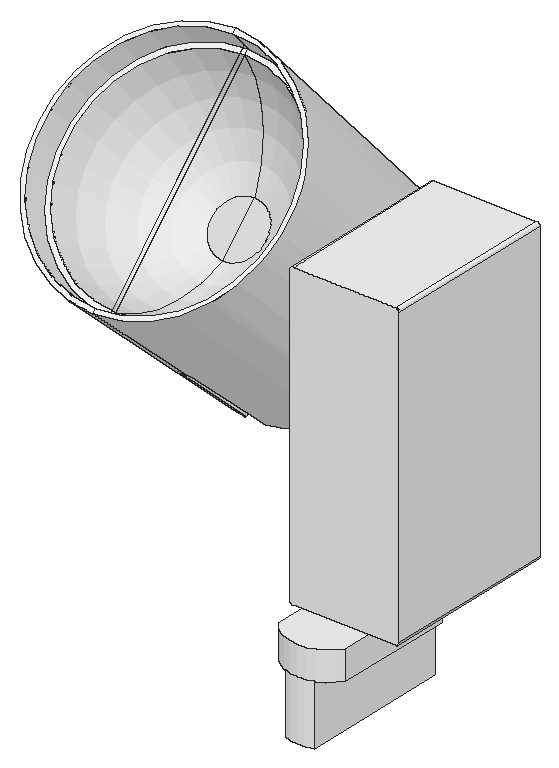
Revit family "0004870 Feilo Sylvania Lighting Fixture START TRACK SPOT L 55W 3K RA90 WB WHITE", category Lighting Fixtures, host Face, Revit 2017
Family settings
  Host = Face
  Round Connector Dimension = Use Diameter
  Part Type = Normal
  OmniClass Number = 23.80.70.00
  OmniClass Title = Lighting
  Cut with Voids When Loaded = No
  Light Source = No
  Shared = No
  Room Calculation Point = No
Parameters (values of type "0004870 START TRACK SPOT L 55W 3K RA90 WB WHITE")
  Weight = "1.398 kg"
  Wattage Comments = ""
  WarrantyStartDate [instance] = "n/a"
  WarrantyGuarantorParts = "n/a"
  WarrantyDurationUnit = "n/a"
  WarrantyDurationParts = "n/a"
  WarrantyDescription = "n/a"
  Voltage = 230 V
  URL = "http://www.sylvania-lighting.com"
  TypeName = "START TRACK SPOT L 55W 3K RA90 WB WHITE"
  TypeHead_FEILO = Start Track Spot Head : 0004870 START TRACK SPOT L 55W 3K RA90 WB WHITE
  TypeBox_FEILO = Start Track Spot Box : Type Large White
  Type Image = <None>
  Type Comments = "n/a"
  VerticalRotation_FEILO [instance] = 0.00°
  SlideEndAngle_FEILO [instance] = VerticalRotation_FEILO + 180.00°  # 180.00°
  SerialNumber [instance] = "n/a"
  Material_3_FEILO = none
  PowerFactor = 0.96
  PowerConsumption = "55 W"
  NominalLength = 0 mm
  NominalHeight = 240 mm
  NominalDepth = 164 mm
  Name = "START TRACK SPOT L 55W 3K RA90 WB WHITE"
  ModelReference = Name  # "START TRACK SPOT L 55W 3K RA90 WB WHITE"
  ModelNumber = "0004870"
  Model = Name  # "START TRACK SPOT L 55W 3K RA90 WB WHITE"
  Material = "adc12 aluminium housing, polycarbonate diffuser"
  ManufacturerName = "Feilo Sylvania"
  Manufacturer = "Feilo Sylvania"
  LuminousEfficacy = "80 lm/W"
  LuminaireType = ""
  LightOutputRatio = "100"
  LampsType = Lamp  # "LED"
  LampNominalLuminous = "4405 lm"
  LampMacAdamStep = "3"
  LampColourTemperature = "3000 K"
  LampColourRenderingIndex = "90"
  Lamp = "LED"
  Keynote = "16500"
  InstallationDate [instance] = "n/a"
  InputVoltage = "230-240V~"
  InputNominalFrequency = "50/60 Hz"
  IngressProtection = "IP20"
  ImpactProtectionIndex = "IK02"
  IfcExportType = "IfcLightFixtureType"
  IfcExportAs = "IfcLightFixtureType"
  HorizontalRotation_FEILO [instance] = 45.00°
  ExpectedLife = 50000
  ElectricShockClassification = "Class II"
  DurationUnit = "hours"
  DocumentationLiterature = "http://www.sylvania-lighting.com/product/en-int/products/0004870"
  DimmingControlOptions = "Non dimmable"
  Material_2_FEILO = none
  Description = "Integrated LED spotlight, Textured White - RAL9016, compact and minimalist design, ideal for retail applications, die-cast aluminium body, passive cooling heatsink. Beam angle: 52°, color temperature: 3000K , total system power: 55W, total fixture output: 4405 lm, LOR: 100%, colour rendering: Ra: 90 typical, LED Chromaticity: 3 step MacAdam ellipse, lifetime: >50000 hours at L70B50, energy class: A++, A+, A, IR/UV free light source without heat radiation, operating voltage: 220-240V / 50-60Hz, drive current: 1400mA, electronic driver, non-dimmable, power factor: 0.96, electrical protection: Class II, Global Track 3 Phase adapter suitable for Global trac 3-circuit tracks, ingress protection rating: IP20, suitable for internal environment only, horizontal rotation: 355°, vertical tilt: 90°, dimensions: Ø113x164x240, weight: 1.398kg."
  Default Elevation = 1219.2 mm
  CreatedOn = "12/12/2017"
  CreatedBy = ""
  Cost = 0
  built-in parameter 1114216 [instance] = (empty or 0)
  ClassificationValue = "EF_70_80"
  ClassificationName = "Uniclass2015"
  Material_1_FEILO = Body-Sylvania-StartTrackSpot-White
  BarCode [instance] = "n/a"
  AssetType = "Fixed"
  AssetIdentifier [instance] = "n/a"
  Assembly Code = "D5020200"
  Apparent Load = 55 VA
  Material_4_FEILO = none
Reference planes
  plane 1 "Center (Front/Back)": y = 0
  plane 2: z = 0
  plane 3 "Center (Left/Right)": x = 0
  plane 4: x = 15
  plane 5: x = -15
  plane 6: y = 35
  plane 7: y = -35
  plane 8: z = 13
  plane 9: z = -27
  plane 10: x = 6.5
  plane 11: x = -6.5
  plane 12: y = 27
  plane 13: y = -27
  plane 14: y = 20
Forms (mm)
  Extrusion 1, solid, material "Body-Sylvania-StartTrackSpot-White" <- "Material_1_FEILO"
    sketch origin (0, 0, 0) x (1, 0, 0) y (0, 1, 0)
      loop
        line (-15, 27) -> (-15, -27)
        arc (-15, -27) -> (0, -35) -> (15, -27) r 18.062
        line (15, -27) -> (15, 27)
        arc (15, 27) -> (0, 35) -> (-15, 27) r 18.062
    from 0 to 13
  Extrusion 2, solid, material "Body-Sylvania-StartTrackSpot-White" <- "Material_1_FEILO"
    sketch origin (0, 0, 0) x (1, 0, 0) y (0, 1, 0)
      loop
        arc (6.5, 33.79) -> (0, 35) -> (-6.5, 33.79) r 18.062
        line (-6.5, 33.79) -> (-6.5, -33.79)
        arc (-6.5, -33.79) -> (0, -35) -> (6.5, -33.79) r 18.062
        line (6.5, -33.79) -> (6.5, 33.79)
    from 0 to -27
  Revolve 3, solid, not visible
    sketch origin (1524, 20, 1219.2) x (1, 0, 0) y (0, 0, 1)
      loop
        line (-1524, -1206.2) -> (-1524, -1191.285) -> (-1530.5, -1191.285) -> (-1530.5, -1206.2) -> (-1524, -1206.2)
      axis (-1524, -1191.285) -> (-1524, -1206.2)
    angle from 0 <- "VerticalRotation_FEILO" to 180 <- "SlideEndAngle_FEILO"
Cuts and joins
  joined: Extrusion 1, Extrusion 2
Dimensions and locks
  equal spacing: plane 10, plane 3 "Center (Left/Right)", plane 11
  equal spacing: plane 4, plane 3 "Center (Left/Right)", plane 5
  locked: plane 8 to plane 2 at 13
  locked: plane 8 to plane 9 at 40
  equal spacing: plane 13, plane 1 "Center (Front/Back)", plane 12
  locked: plane 12 to plane 6 at 8
  locked: plane 14 to plane 6 at 15
  locked: Revolve 3 sketch curve to plane 8 at 14.915
  aligned and locked: plane 2 to host face
  aligned and locked: level to host face
  aligned and locked: plane 5 to Extrusion 1 sketch curve  (x2)
  aligned and locked: plane 12 to Extrusion 1 sketch curve
  aligned and locked: plane 13 to Extrusion 1 sketch curve
  aligned and locked: plane 4 to Extrusion 1 sketch curve
  aligned and locked: Extrusion 1 to plane 8
  aligned and locked: Extrusion 1 to level
  aligned and locked: Extrusion 2 sketch curve to Extrusion 1  (x2)
  aligned and locked: Extrusion 2 sketch curve to plane 11
  aligned and locked: plane 10 to Extrusion 2 sketch curve
  aligned and locked: plane 9 to Extrusion 2
  aligned and locked: level to Extrusion 2
  aligned and locked: Revolve 3 sketch curve to plane 3 "Center (Left/Right)"  (x2)
  aligned and locked: plane 11 to Revolve 3 sketch curve
  aligned and locked: Revolve 3 sketch curve to plane 8
Automatic sketch dimensions
  host sketch curve to host sketch curve = 2438.4 mm  (x2)
  Extrusion 1 sketch curve to plane 3 "Center (Left/Right)" = 0 mm  (x2)
  Extrusion 1 sketch curve to plane 13 = 10.062 mm
  plane 12 to Extrusion 1 sketch curve = 10.062 mm
  Revolve 3 sketch curve to plane 3 "Center (Left/Right)" = 0 mm
  plane 9 to Revolve 3 sketch curve = 582.6 mm
  Revolve 3 sketch curve to Revolve 3 sketch curve = 2581.144 mm
Nested families
  nested 1: "Start Track Spot Head" at (-75.5, 20, 133) x (0, 0.7071, 0.7071) z (0, 0.7071, -0.7071), type <- "TypeHead_FEILO", type "0004870 START TRACK SPOT L 55W 3K RA90 WB WHITE"
    with built-in parameter 1114216 (empty or 0)
  nested 2: "Start Track Spot Box" at (8.5, 20, 85) x (-1, 0, 0) z (0, -1, 0), BoxStartAngle_FEILO <- "HorizontalRotation_FEILO", type <- "TypeBox_FEILO", type "Type Large White"
    with BoxStartAngle_FEILO 45.00°, BoxEndAngle_FEILO -135.00°
Connectors
  electrical at (0, 0, 0), driven by "Apparent Load", driven by "PowerFactor", driven by "Voltage"
    settings: index 1, voltage 230 V, apparent load 55 VA, apparent load phase1 0 VA, apparent load phase2 0 VA, apparent load phase3 0 VA, power factor 0.96, load classification "Lighting", number of poles 1, system type 30, power factor state 1, is connector primary yes, connector utility no, sub classification motor no, connector description ""
Definition of nested family "Start Track Spot Head"
  Parameters (values of type "0004811 START TRACK SPOT S 14W 3K RA80 NB WHITE")
    Wattage Comments = "n/a"
    Wattage = 14 W
    built-in parameter 1150110 = 1 (stored number, unit not read)
    URL = "http://www.feilosylvania.com"
    Type Image = (empty or 0)
    Type Comments = "n/a"
    built-in parameter 1114217 = 1 (stored number, unit not read)
    Tilt Angle = -90.00°
    built-in parameter 1150109 = 1 (stored number, unit not read)
    built-in parameter 1150134 = (empty or 0)
    built-in parameter 1150113 = 1 (stored number, unit not read)
    Photometric Web File = "0004811.ies"
    Material_3_FEILO = none
    Model = "START TRACK SPOT S 14W 3K RA80 NB WHITE"
    Manufacturer = "Feilo Sylvania"
    built-in parameter 1150105 = 123.66 (stored number, unit not read)
    Lumens = 1554 lm
    built-in parameter 1150115 = 1 (stored number, unit not read)
    built-in parameter 1150137 = (empty or 0)
    built-in parameter 1150139 = (empty or 0)
    built-in parameter 1150112 = 1 (stored number, unit not read)
    built-in parameter 1150114 = 1 (stored number, unit not read)
    Lamp = "LED"
    Keynote = "16500"
    Material_2_FEILO = none
    built-in parameter 1150132 = (empty or 0)
    built-in parameter 1150102 = (empty or 0)
    built-in parameter 1150107 = 3000 (stored number, unit not read)
    built-in parameter 1150138 = (empty or 0)
    built-in parameter 1150106 = 1.2366 (stored number, unit not read)
    HeadThickness_FEILO = if(HeadDiaOut_FEILO > 112 mm, 2 mm, 1.5 mm)  # 1.5 mm
    HeadRibOffset_FEILO = HeadHeight_FEILO / 28  # 4.179 mm
    HeadRibDepth_FEILO = HeadHeight_FEILO / 2.1  # 55.714 mm
    HeadRibCutWidth_FEILO = HeadDiaOut_FEILO / 12  # 7.167 mm
    HeadRibCutOffset_FEILO = HeadHeight_FEILO / 2.3  # 50.87 mm
    HeadReflectorRadius_FEILO = HeadDiaOut_FEILO / 1.7  # 50.588 mm
    HeadReflectorOffset_FEILO = HeadHeight_FEILO / 2.1  # 55.714 mm
    HeadLEDRadius_FEILO = HeadDiaOut_FEILO / 9  # 9.556 mm
    HeadHeight_FEILO = 117 mm
    HeadDraft_FEILO = 1 mm
    HeadDiffusorThickness_FEILO = 3 mm
    HeadDiffusorOffset_FEILO = HeadHeight_FEILO / 12.4  # 9.435 mm
    HeadDiaOut_FEILO = 86 mm
    HeadDiaIn_FEILO = HeadDiaOut_FEILO / 1.11  # 77.477 mm
    HeadAxisFromTop_FEILO = HeadHeight_FEILO / 1.687  # 69.354 mm
    Emit from Circle Diameter = HeadDiaIn_FEILO  # 77.477 mm
    Emit Shape Visible in Rendering = no
    built-in parameter 1150104 = 10.312 (stored number, unit not read)
    Dimming Lamp Color Temperature Shift = (empty or 0)
    Description = "Integrated LED spotlight, Textured White - RAL9016, compact and minimalist design, ideal for retail applications, die-cast aluminium body, passive cooling heatsink. Beam angle: 12°, color temperature: 3000K , total system power: 14W, total fixture output: 1551 lm, LOR: 100%, colour rendering: Ra: 80 typical, LED Chromaticity: 3 step MacAdam ellipse, lifetime: >50000 hours at L70B50, energy class: A++, A+, A, IR/UV free light source without heat radiation, operating voltage: 220-240V / 50-60Hz, drive current: 350mA, electronic driver, non-dimmable, power factor: 0.92, electrical protection: Class II, Global Track 3 Phase adapter suitable for Global trac 3-circuit tracks, ingress protection rating: IP20, suitable for internal environment only, horizontal rotation: 355°, vertical tilt: 90°, dimensions: Ø86x140x200, weight: 0.940kg."
    Default Elevation = 1219.2 mm
    Cost = 0
    Color Filter = 16777215
    built-in parameter 1114216 [instance] = (empty or 0)
    Material_1_FEILO = none
    built-in parameter 1114218 = 1 (stored number, unit not read)
    built-in parameter 1150133 = 10 (stored number, unit not read)
    Assembly Code = "D5020200"
    Apparent Load = 14 VA
    Material_4_FEILO = none
  Types (96, lengths in mm): name | Wattage | built-in parameter 1150134 | Photometric Web File | Model | built-in parameter 1150105 | Lumens | built-in parameter 1150107 | built-in parameter 1150106 | HeadThickness_FEILO | HeadRibOffset_FEILO | HeadRibDepth_FEILO | HeadRibCutWidth_FEILO | HeadRibCutOffset_FEILO | HeadReflectorRadius_FEILO | HeadReflectorOffset_FEILO | HeadLEDRadius_FEILO | HeadHeight_FEILO | HeadDiffusorOffset_FEILO | HeadDiaOut_FEILO | HeadDiaIn_FEILO | HeadAxisFromTop_FEILO | Emit from Circle Diameter | built-in parameter 1150104 | Description | Apparent Load
    0004906 START TRACK SPOT L 55W 4K RA90 WB BLACK | 55 W | 12 | "0004906.ies" | "START TRACK SPOT L 55W 4K RA90 WB BLACK" | 385.15 (stored number, unit not read) | 4840 lm | 4000 (stored number, unit not read) | 3.8515 (stored number, unit not read) | 2 | 4.429 | 59.048 | 9.417 | 53.913 | 66.471 | 59.048 | 12.556 | 124 | 10 | 113 | 101.802 | 73.503 | 101.802 | 8.1755 (stored number, unit not read) | "Integrated LED spotlight, Textured Black - RAL9005, compact and minimalist design, ideal for retail applications, die-cast aluminium body, passive cooling heatsink. Beam angle: 52°, color temperature: 4000K , total system power: 55W, total fixture output: 4824 lm, LOR: 100%, colour rendering: Ra: 90 typical, LED Chromaticity: 3 step MacAdam ellipse, lifetime: >50000 hours at L70B50, energy class: A++, A+, A, IR/UV free light source without heat radiation, operating voltage: 220-240V / 50-60Hz, drive current: 1400mA, electronic driver, non-dimmable, power factor: 0.96, electrical protection: Class II, Global Track 3 Phase adapter suitable for Global trac 3-circuit tracks, ingress protection rating: IP20, suitable for internal environment only, horizontal rotation: 355°, vertical tilt: 90°, dimensions: Ø113x164x240, weight: 1.398kg." | 55 VA
    0004905 START TRACK SPOT L 55W 4K RA90 MB BLACK | 55 W | 12 | "0004905.ies" | "START TRACK SPOT L 55W 4K RA90 MB BLACK" | 389.53 (stored number, unit not read) | 4895 lm | 4000 (stored number, unit not read) | 3.8953 (stored number, unit not read) | 2 | 4.429 | 59.048 | 9.417 | 53.913 | 66.471 | 59.048 | 12.556 | 124 | 10 | 113 | 101.802 | 73.503 | 101.802 | 8.2684 (stored number, unit not read) | "Integrated LED spotlight, Textured Black - RAL9005, compact and minimalist design, ideal for retail applications, die-cast aluminium body, passive cooling heatsink. Beam angle: 38°, color temperature: 4000K , total system power: 55W, total fixture output: 4897 lm, LOR: 100%, colour rendering: Ra: 90 typical, LED Chromaticity: 3 step MacAdam ellipse, lifetime: >50000 hours at L70B50, energy class: A++, A+, A, IR/UV free light source without heat radiation, operating voltage: 220-240V / 50-60Hz, drive current: 1400mA, electronic driver, non-dimmable, power factor: 0.96, electrical protection: Class II, Global Track 3 Phase adapter suitable for Global trac 3-circuit tracks, ingress protection rating: IP20, suitable for internal environment only, horizontal rotation: 355°, vertical tilt: 90°, dimensions: Ø113x164x240, weight: 1.398kg." | 55 VA
    0004904 START TRACK SPOT L 55W 4K RA90 NB BLACK | 55 W | 12 | "0004904.ies" | "START TRACK SPOT L 55W 4K RA90 NB BLACK" | 393.91 (stored number, unit not read) | 4950 lm | 4000 (stored number, unit not read) | 3.9391 (stored number, unit not read) | 2 | 4.429 | 59.048 | 9.417 | 53.913 | 66.471 | 59.048 | 12.556 | 124 | 10 | 113 | 101.802 | 73.503 | 101.802 | 8.3613 (stored number, unit not read) | "Integrated LED spotlight, Textured Black - RAL9005, compact and minimalist design, ideal for retail applications, die-cast aluminium body, passive cooling heatsink. Beam angle: 15°, color temperature: 4000K , total system power: 55W, total fixture output: 4965 lm, LOR: 100%, colour rendering: Ra: 90 typical, LED Chromaticity: 3 step MacAdam ellipse, lifetime: >50000 hours at L70B50, energy class: A++, A+, A, IR/UV free light source without heat radiation, operating voltage: 220-240V / 50-60Hz, drive current: 1400mA, electronic driver, non-dimmable, power factor: 0.96, electrical protection: Class II, Global Track 3 Phase adapter suitable for Global trac 3-circuit tracks, ingress protection rating: IP20, suitable for internal environment only, horizontal rotation: 355°, vertical tilt: 90°, dimensions: Ø113x164x240, weight: 1.398kg." | 55 VA
    0004903 START TRACK SPOT L 35W 4K RA90 WB BLACK | 35 W | 12 | "0004903.ies" | "START TRACK SPOT L 35W 4K RA90 WB BLACK" | 284.09 (stored number, unit not read) | 3570 lm | 4000 (stored number, unit not read) | 2.8409 (stored number, unit not read) | 2 | 4.429 | 59.048 | 9.417 | 53.913 | 66.471 | 59.048 | 12.556 | 124 | 10 | 113 | 101.802 | 73.503 | 101.802 | 9.4761 (stored number, unit not read) | "Integrated LED spotlight, Textured Black - RAL9005, compact and minimalist design, ideal for retail applications, die-cast aluminium body, passive cooling heatsink. Beam angle: 52°, color temperature: 4000K , total system power: 35W, total fixture output: 3562 lm, LOR: 100%, colour rendering: Ra: 90 typical, LED Chromaticity: 3 step MacAdam ellipse, lifetime: >50000 hours at L70B50, energy class: A++, A+, A, IR/UV free light source without heat radiation, operating voltage: 220-240V / 50-60Hz, drive current: 900mA, electronic driver, non-dimmable, power factor: 0.93, electrical protection: Class II, Global Track 3 Phase adapter suitable for Global trac 3-circuit tracks, ingress protection rating: IP20, suitable for internal environment only, horizontal rotation: 355°, vertical tilt: 90°, dimensions: Ø113x164x240, weight: 1.368kg." | 35 VA
    0004902 START TRACK SPOT L 35W 4K RA90 MB BLACK | 35 W | 12 | "0004902.ies" | "START TRACK SPOT L 35W 4K RA90 MB BLACK" | 286.88 (stored number, unit not read) | 3605 lm | 4000 (stored number, unit not read) | 2.8688 (stored number, unit not read) | 2 | 4.429 | 59.048 | 9.417 | 53.913 | 66.471 | 59.048 | 12.556 | 124 | 10 | 113 | 101.802 | 73.503 | 101.802 | 9.569 (stored number, unit not read) | "Integrated LED spotlight, Textured Black - RAL9005, compact and minimalist design, ideal for retail applications, die-cast aluminium body, passive cooling heatsink. Beam angle: 38°, color temperature: 4000K , total system power: 35W, total fixture output: 3616 lm, LOR: 100%, colour rendering: Ra: 90 typical, LED Chromaticity: 3 step MacAdam ellipse, lifetime: >50000 hours at L70B50, energy class: A++, A+, A, IR/UV free light source without heat radiation, operating voltage: 220-240V / 50-60Hz, drive current: 900mA, electronic driver, non-dimmable, power factor: 0.93, electrical protection: Class II, Global Track 3 Phase adapter suitable for Global trac 3-circuit tracks, ingress protection rating: IP20, suitable for internal environment only, horizontal rotation: 355°, vertical tilt: 90°, dimensions: Ø113x164x240, weight: 1.368kg." | 35 VA
    0004901 START TRACK SPOT L 35W 4K RA90 NB BLACK | 35 W | 12 | "0004901.ies" | "START TRACK SPOT L 35W 4K RA90 NB BLACK" | 286.88 (stored number, unit not read) | 3605 lm | 4000 (stored number, unit not read) | 2.8688 (stored number, unit not read) | 2 | 4.429 | 59.048 | 9.417 | 53.913 | 66.471 | 59.048 | 12.556 | 124 | 10 | 113 | 101.802 | 73.503 | 101.802 | 9.569 (stored number, unit not read) | "Integrated LED spotlight, Textured Black - RAL9005, compact and minimalist design, ideal for retail applications, die-cast aluminium body, passive cooling heatsink. Beam angle: 15°, color temperature: 4000K , total system power: 35W, total fixture output: 3593 lm, LOR: 100%, colour rendering: Ra: 90 typical, LED Chromaticity: 3 step MacAdam ellipse, lifetime: >50000 hours at L70B50, energy class: A++, A+, A, IR/UV free light source without heat radiation, operating voltage: 220-240V / 50-60Hz, drive current: 900mA, electronic driver, non-dimmable, power factor: 0.93, electrical protection: Class II, Global Track 3 Phase adapter suitable for Global trac 3-circuit tracks, ingress protection rating: IP20, suitable for internal environment only, horizontal rotation: 355°, vertical tilt: 90°, dimensions: Ø113x164x240, weight: 1.368kg." | 35 VA
    0004900 START TRACK SPOT S 24W 4K RA90 WB BLACK | 24 W | 12 | "0004900.ies" | "START TRACK SPOT S 24W 4K RA90 WB BLACK" | 166.16 (stored number, unit not read) | 2088 lm | 4000 (stored number, unit not read) | 1.6616 (stored number, unit not read) | 1.5 | 4.179 | 55.714 | 7.167 | 50.87 | 50.588 | 55.714 | 9.556 | 117 | 9.435 | 86 | 77.477 | 69.354 | 77.477 | 8.0826 (stored number, unit not read) | "Integrated LED spotlight, Textured Black - RAL9005, compact and minimalist design, ideal for retail applications, die-cast aluminium body, passive cooling heatsink. Beam angle: 64°, color temperature: 4000K , total system power: 24W, total fixture output: 2087 lm, LOR: 100%, colour rendering: Ra: 90 typical, LED Chromaticity: 3 step MacAdam ellipse, lifetime: >50000 hours at L70B50, energy class: A++, A+, A, IR/UV free light source without heat radiation, operating voltage: 220-240V / 50-60Hz, drive current: 600mA, electronic driver, non-dimmable, power factor: 0.95, electrical protection: Class II, Global Track 3 Phase adapter suitable for Global trac 3-circuit tracks, ingress protection rating: IP20, suitable for internal environment only, horizontal rotation: 355°, vertical tilt: 90°, dimensions: Ø86x140x200, weight: 0.966kg." | 24 VA
    0004899 START TRACK SPOT S 24W 4K RA90 MB BLACK | 24 W | 12 | "0004899.ies" | "START TRACK SPOT S 24W 4K RA90 MB BLACK" | 169.98 (stored number, unit not read) | 2136 lm | 4000 (stored number, unit not read) | 1.6998 (stored number, unit not read) | 1.5 | 4.179 | 55.714 | 7.167 | 50.87 | 50.588 | 55.714 | 9.556 | 117 | 9.435 | 86 | 77.477 | 69.354 | 77.477 | 8.2684 (stored number, unit not read) | "Integrated LED spotlight, Textured Black - RAL9005, compact and minimalist design, ideal for retail applications, die-cast aluminium body, passive cooling heatsink. Beam angle: 36°, color temperature: 4000K , total system power: 24W, total fixture output: 2141 lm, LOR: 100%, colour rendering: Ra: 90 typical, LED Chromaticity: 3 step MacAdam ellipse, lifetime: >50000 hours at L70B50, energy class: A++, A+, A, IR/UV free light source without heat radiation, operating voltage: 220-240V / 50-60Hz, drive current: 600mA, electronic driver, non-dimmable, power factor: 0.95, electrical protection: Class II, Global Track 3 Phase adapter suitable for Global trac 3-circuit tracks, ingress protection rating: IP20, suitable for internal environment only, horizontal rotation: 355°, vertical tilt: 90°, dimensions: Ø86x140x200, weight: 0.966kg." | 24 VA
    0004898 START TRACK SPOT S 24W 4K RA90 NB BLACK | 24 W | 12 | "0004898.ies" | "START TRACK SPOT S 24W 4K RA90 NB BLACK" | 171.89 (stored number, unit not read) | 2160 lm | 4000 (stored number, unit not read) | 1.7189 (stored number, unit not read) | 1.5 | 4.179 | 55.714 | 7.167 | 50.87 | 50.588 | 55.714 | 9.556 | 117 | 9.435 | 86 | 77.477 | 69.354 | 77.477 | 8.3613 (stored number, unit not read) | "Integrated LED spotlight, Textured Black - RAL9005, compact and minimalist design, ideal for retail applications, die-cast aluminium body, passive cooling heatsink. Beam angle: 12°, color temperature: 4000K , total system power: 24W, total fixture output: 2155 lm, LOR: 100%, colour rendering: Ra: 90 typical, LED Chromaticity: 3 step MacAdam ellipse, lifetime: >50000 hours at L70B50, energy class: A++, A+, A, IR/UV free light source without heat radiation, operating voltage: 220-240V / 50-60Hz, drive current: 600mA, electronic driver, non-dimmable, power factor: 0.95, electrical protection: Class II, Global Track 3 Phase adapter suitable for Global trac 3-circuit tracks, ingress protection rating: IP20, suitable for internal environment only, horizontal rotation: 355°, vertical tilt: 90°, dimensions: Ø86x140x200, weight: 0.966kg." | 24 VA
    0004897 START TRACK SPOT S 14W 4K RA90 WB BLACK | 14 W | 12 | "0004897.ies" | "START TRACK SPOT S 14W 4K RA90 WB BLACK" | 108.07 (stored number, unit not read) | 1358 lm | 4000 (stored number, unit not read) | 1.0807 (stored number, unit not read) | 1.5 | 4.179 | 55.714 | 7.167 | 50.87 | 50.588 | 55.714 | 9.556 | 117 | 9.435 | 86 | 77.477 | 69.354 | 77.477 | 9.0116 (stored number, unit not read) | "Integrated LED spotlight, Textured Black - RAL9005, compact and minimalist design, ideal for retail applications, die-cast aluminium body, passive cooling heatsink. Beam angle: 64°, color temperature: 4000K , total system power: 14W, total fixture output: 1352 lm, LOR: 100%, colour rendering: Ra: 90 typical, LED Chromaticity: 3 step MacAdam ellipse, lifetime: >50000 hours at L70B50, energy class: A++, A+, A, IR/UV free light source without heat radiation, operating voltage: 220-240V / 50-60Hz, drive current: 350mA, electronic driver, non-dimmable, power factor: 0.92, electrical protection: Class II, Global Track 3 Phase adapter suitable for Global trac 3-circuit tracks, ingress protection rating: IP20, suitable for internal environment only, horizontal rotation: 355°, vertical tilt: 90°, dimensions: Ø86x140x200, weight: 0.940kg." | 14 VA
    0004896 START TRACK SPOT S 14W 4K RA90 MB BLACK | 14 W | 12 | "0004896.ies" | "START TRACK SPOT S 14W 4K RA90 MB BLACK" | 108.07 (stored number, unit not read) | 1358 lm | 4000 (stored number, unit not read) | 1.0807 (stored number, unit not read) | 1.5 | 4.179 | 55.714 | 7.167 | 50.87 | 50.588 | 55.714 | 9.556 | 117 | 9.435 | 86 | 77.477 | 69.354 | 77.477 | 9.0116 (stored number, unit not read) | "Integrated LED spotlight, Textured Black - RAL9005, compact and minimalist design, ideal for retail applications, die-cast aluminium body, passive cooling heatsink. Beam angle: 36°, color temperature: 4000K , total system power: 14W, total fixture output: 1359 lm, LOR: 100%, colour rendering: Ra: 90 typical, LED Chromaticity: 3 step MacAdam ellipse, lifetime: >50000 hours at L70B50, energy class: A++, A+, A, IR/UV free light source without heat radiation, operating voltage: 220-240V / 50-60Hz, drive current: 350mA, electronic driver, non-dimmable, power factor: 0.92, electrical protection: Class II, Global Track 3 Phase adapter suitable for Global trac 3-circuit tracks, ingress protection rating: IP20, suitable for internal environment only, horizontal rotation: 355°, vertical tilt: 90°, dimensions: Ø86x140x200, weight: 0.940kg." | 14 VA
    0004895 START TRACK SPOT S 14W 4K RA90 NB BLACK | 14 W | 12 | "0004895.ies" | "START TRACK SPOT S 14W 4K RA90 NB BLACK" | 106.95 (stored number, unit not read) | 1344 lm | 4000 (stored number, unit not read) | 1.0695 (stored number, unit not read) | 1.5 | 4.179 | 55.714 | 7.167 | 50.87 | 50.588 | 55.714 | 9.556 | 117 | 9.435 | 86 | 77.477 | 69.354 | 77.477 | 8.9187 (stored number, unit not read) | "Integrated LED spotlight, Textured Black - RAL9005, compact and minimalist design, ideal for retail applications, die-cast aluminium body, passive cooling heatsink. Beam angle: 12°, color temperature: 4000K , total system power: 14W, total fixture output: 1349 lm, LOR: 100%, colour rendering: Ra: 90 typical, LED Chromaticity: 3 step MacAdam ellipse, lifetime: >50000 hours at L70B50, energy class: A++, A+, A, IR/UV free light source without heat radiation, operating voltage: 220-240V / 50-60Hz, drive current: 350mA, electronic driver, non-dimmable, power factor: 0.92, electrical protection: Class II, Global Track 3 Phase adapter suitable for Global trac 3-circuit tracks, ingress protection rating: IP20, suitable for internal environment only, horizontal rotation: 355°, vertical tilt: 90°, dimensions: Ø86x140x200, weight: 0.940kg." | 14 VA
    0004894 START TRACK SPOT L 55W 3K RA90 WB BLACK | 55 W | (empty or 0) | "0004894.ies" | "START TRACK SPOT L 55W 3K RA90 WB BLACK" | 350.14 (stored number, unit not read) | 4400 lm | 3000 (stored number, unit not read) | 3.5014 (stored number, unit not read) | 2 | 4.429 | 59.048 | 9.417 | 53.913 | 66.471 | 59.048 | 12.556 | 124 | 10 | 113 | 101.802 | 73.503 | 101.802 | 7.4322 (stored number, unit not read) | "Integrated LED spotlight, Textured Black - RAL9005, compact and minimalist design, ideal for retail applications, die-cast aluminium body, passive cooling heatsink. Beam angle: 52°, color temperature: 3000K , total system power: 55W, total fixture output: 4405 lm, LOR: 100%, colour rendering: Ra: 90 typical, LED Chromaticity: 3 step MacAdam ellipse, lifetime: >50000 hours at L70B50, energy class: A++, A+, A, IR/UV free light source without heat radiation, operating voltage: 220-240V / 50-60Hz, drive current: 1400mA, electronic driver, non-dimmable, power factor: 0.96, electrical protection: Class II, Global Track 3 Phase adapter suitable for Global trac 3-circuit tracks, ingress protection rating: IP20, suitable for internal environment only, horizontal rotation: 355°, vertical tilt: 90°, dimensions: Ø113x164x240, weight: 1.398kg." | 55 VA
    0004893 START TRACK SPOT L 55W 3K RA90 MB BLACK | 55 W | (empty or 0) | "0004893.ies" | "START TRACK SPOT L 55W 3K RA90 MB BLACK" | 354.52 (stored number, unit not read) | 4455 lm | 3000 (stored number, unit not read) | 3.5452 (stored number, unit not read) | 2 | 4.429 | 59.048 | 9.417 | 53.913 | 66.471 | 59.048 | 12.556 | 124 | 10 | 113 | 101.802 | 73.503 | 101.802 | 7.5251 (stored number, unit not read) | "Integrated LED spotlight, Textured Black - RAL9005, compact and minimalist design, ideal for retail applications, die-cast aluminium body, passive cooling heatsink. Beam angle: 38°, color temperature: 3000K , total system power: 55W, total fixture output: 4448 lm, LOR: 100%, colour rendering: Ra: 90 typical, LED Chromaticity: 3 step MacAdam ellipse, lifetime: >50000 hours at L70B50, energy class: A++, A+, A, IR/UV free light source without heat radiation, operating voltage: 220-240V / 50-60Hz, drive current: 1400mA, electronic driver, non-dimmable, power factor: 0.96, electrical protection: Class II, Global Track 3 Phase adapter suitable for Global trac 3-circuit tracks, ingress protection rating: IP20, suitable for internal environment only, horizontal rotation: 355°, vertical tilt: 90°, dimensions: Ø113x164x240, weight: 1.398kg." | 55 VA
    0004892 START TRACK SPOT L 55W 3K RA90 NB BLACK | 55 W | (empty or 0) | "0004892.ies" | "START TRACK SPOT L 55W 3K RA90 NB BLACK" | 350.14 (stored number, unit not read) | 4400 lm | 3000 (stored number, unit not read) | 3.5014 (stored number, unit not read) | 2 | 4.429 | 59.048 | 9.417 | 53.913 | 66.471 | 59.048 | 12.556 | 124 | 10 | 113 | 101.802 | 73.503 | 101.802 | 7.4322 (stored number, unit not read) | "Integrated LED spotlight, Textured Black - RAL9005, compact and minimalist design, ideal for retail applications, die-cast aluminium body, passive cooling heatsink. Beam angle: 15°, color temperature: 3000K , total system power: 55W, total fixture output: 4416 lm, LOR: 100%, colour rendering: Ra: 90 typical, LED Chromaticity: 3 step MacAdam ellipse, lifetime: >50000 hours at L70B50, energy class: A++, A+, A, IR/UV free light source without heat radiation, operating voltage: 220-240V / 50-60Hz, drive current: 1400mA, electronic driver, non-dimmable, power factor: 0.96, electrical protection: Class II, Global Track 3 Phase adapter suitable for Global trac 3-circuit tracks, ingress protection rating: IP20, suitable for internal environment only, horizontal rotation: 355°, vertical tilt: 90°, dimensions: Ø113x164x240, weight: 1.398kg." | 55 VA
    0004891 START TRACK SPOT L 35W 3K RA90 WB BLACK | 35 W | (empty or 0) | "0004891.ies" | "START TRACK SPOT L 35W 3K RA90 WB BLACK" | 259.02 (stored number, unit not read) | 3255 lm | 3000 (stored number, unit not read) | 2.5902 (stored number, unit not read) | 2 | 4.429 | 59.048 | 9.417 | 53.913 | 66.471 | 59.048 | 12.556 | 124 | 10 | 113 | 101.802 | 73.503 | 101.802 | 8.64 (stored number, unit not read) | "Integrated LED spotlight, Textured Black - RAL9005, compact and minimalist design, ideal for retail applications, die-cast aluminium body, passive cooling heatsink. Beam angle: 52°, color temperature: 3000K , total system power: 35W, total fixture output: 3260 lm, LOR: 100%, colour rendering: Ra: 90 typical, LED Chromaticity: 3 step MacAdam ellipse, lifetime: >50000 hours at L70B50, energy class: A++, A+, A, IR/UV free light source without heat radiation, operating voltage: 220-240V / 50-60Hz, drive current: 900mA, electronic driver, non-dimmable, power factor: 0.93, electrical protection: Class II, Global Track 3 Phase adapter suitable for Global trac 3-circuit tracks, ingress protection rating: IP20, suitable for internal environment only, horizontal rotation: 355°, vertical tilt: 90°, dimensions: Ø113x164x240, weight: 1.368kg." | 35 VA
    0004890 START TRACK SPOT L 35W 3K RA90 MB BLACK | 35 W | (empty or 0) | "0004890.ies" | "START TRACK SPOT L 35W 3K RA90 MB BLACK" | 261.81 (stored number, unit not read) | 3290 lm | 3000 (stored number, unit not read) | 2.6181 (stored number, unit not read) | 2 | 4.429 | 59.048 | 9.417 | 53.913 | 66.471 | 59.048 | 12.556 | 124 | 10 | 113 | 101.802 | 73.503 | 101.802 | 8.7329 (stored number, unit not read) | "Integrated LED spotlight, Textured Black - RAL9005, compact and minimalist design, ideal for retail applications, die-cast aluminium body, passive cooling heatsink. Beam angle: 38°, color temperature: 3000K , total system power: 35W, total fixture output: 3306 lm, LOR: 100%, colour rendering: Ra: 90 typical, LED Chromaticity: 3 step MacAdam ellipse, lifetime: >50000 hours at L70B50, energy class: A++, A+, A, IR/UV free light source without heat radiation, operating voltage: 220-240V / 50-60Hz, drive current: 900mA, electronic driver, non-dimmable, power factor: 0.93, electrical protection: Class II, Global Track 3 Phase adapter suitable for Global trac 3-circuit tracks, ingress protection rating: IP20, suitable for internal environment only, horizontal rotation: 355°, vertical tilt: 90°, dimensions: Ø113x164x240, weight: 1.368kg." | 35 VA
    0004889 START TRACK SPOT L 35W 3K RA90 NB BLACK | 35 W | (empty or 0) | "0004889.ies" | "START TRACK SPOT L 35W 3K RA90 NB BLACK" | 261.81 (stored number, unit not read) | 3290 lm | 3000 (stored number, unit not read) | 2.6181 (stored number, unit not read) | 2 | 4.429 | 59.048 | 9.417 | 53.913 | 66.471 | 59.048 | 12.556 | 124 | 10 | 113 | 101.802 | 73.503 | 101.802 | 8.7329 (stored number, unit not read) | "Integrated LED spotlight, Textured Black - RAL9005, compact and minimalist design, ideal for retail applications, die-cast aluminium body, passive cooling heatsink. Beam angle: 15°, color temperature: 3000K , total system power: 35W, total fixture output: 3287 lm, LOR: 100%, colour rendering: Ra: 90 typical, LED Chromaticity: 3 step MacAdam ellipse, lifetime: >50000 hours at L70B50, energy class: A++, A+, A, IR/UV free light source without heat radiation, operating voltage: 220-240V / 50-60Hz, drive current: 900mA, electronic driver, non-dimmable, power factor: 0.93, electrical protection: Class II, Global Track 3 Phase adapter suitable for Global trac 3-circuit tracks, ingress protection rating: IP20, suitable for internal environment only, horizontal rotation: 355°, vertical tilt: 90°, dimensions: Ø113x164x240, weight: 1.368kg." | 35 VA
    0004888 START TRACK SPOT S 24W 3K RA90 WB BLACK | 24 W | (empty or 0) | "0004888.ies" | "START TRACK SPOT S 24W 3K RA90 WB BLACK" | 152.79 (stored number, unit not read) | 1920 lm | 3000 (stored number, unit not read) | 1.5279 (stored number, unit not read) | 1.5 | 4.179 | 55.714 | 7.167 | 50.87 | 50.588 | 55.714 | 9.556 | 117 | 9.435 | 86 | 77.477 | 69.354 | 77.477 | 7.4322 (stored number, unit not read) | "Integrated LED spotlight, Textured Black - RAL9005, compact and minimalist design, ideal for retail applications, die-cast aluminium body, passive cooling heatsink. Beam angle: 64°, color temperature: 3000K , total system power: 24W, total fixture output: 1928 lm, LOR: 100%, colour rendering: Ra: 90 typical, LED Chromaticity: 3 step MacAdam ellipse, lifetime: >50000 hours at L70B50, energy class: A++, A+, A, IR/UV free light source without heat radiation, operating voltage: 220-240V / 50-60Hz, drive current: 600mA, electronic driver, non-dimmable, power factor: 0.95, electrical protection: Class II, Global Track 3 Phase adapter suitable for Global trac 3-circuit tracks, ingress protection rating: IP20, suitable for internal environment only, horizontal rotation: 355°, vertical tilt: 90°, dimensions: Ø86x140x200, weight: 0.966kg." | 24 VA
    0004887 START TRACK SPOT S 24W 3K RA90 MB BLACK | 24 W | (empty or 0) | "0004887.ies" | "START TRACK SPOT S 24W 3K RA90 MB BLACK" | 154.7 (stored number, unit not read) | 1944 lm | 3000 (stored number, unit not read) | 1.547 (stored number, unit not read) | 1.5 | 4.179 | 55.714 | 7.167 | 50.87 | 50.588 | 55.714 | 9.556 | 117 | 9.435 | 86 | 77.477 | 69.354 | 77.477 | 7.5251 (stored number, unit not read) | "Integrated LED spotlight, Textured Black - RAL9005, compact and minimalist design, ideal for retail applications, die-cast aluminium body, passive cooling heatsink. Beam angle: 36°, color temperature: 3000K , total system power: 24W, total fixture output: 1944 lm, LOR: 100%, colour rendering: Ra: 90 typical, LED Chromaticity: 3 step MacAdam ellipse, lifetime: >50000 hours at L70B50, energy class: A++, A+, A, IR/UV free light source without heat radiation, operating voltage: 220-240V / 50-60Hz, drive current: 600mA, electronic driver, non-dimmable, power factor: 0.95, electrical protection: Class II, Global Track 3 Phase adapter suitable for Global trac 3-circuit tracks, ingress protection rating: IP20, suitable for internal environment only, horizontal rotation: 355°, vertical tilt: 90°, dimensions: Ø86x140x200, weight: 0.966kg." | 24 VA
    0004886 START TRACK SPOT S 24W 3K RA90 NB BLACK | 24 W | (empty or 0) | "0004886.ies" | "START TRACK SPOT S 24W 3K RA90 NB BLACK" | 158.52 (stored number, unit not read) | 1992 lm | 3000 (stored number, unit not read) | 1.5852 (stored number, unit not read) | 1.5 | 4.179 | 55.714 | 7.167 | 50.87 | 50.588 | 55.714 | 9.556 | 117 | 9.435 | 86 | 77.477 | 69.354 | 77.477 | 7.711 (stored number, unit not read) | "Integrated LED spotlight, Textured Black - RAL9005, compact and minimalist design, ideal for retail applications, die-cast aluminium body, passive cooling heatsink. Beam angle: 12°, color temperature: 3000K , total system power: 24W, total fixture output: 1987 lm, LOR: 100%, colour rendering: Ra: 90 typical, LED Chromaticity: 3 step MacAdam ellipse, lifetime: >50000 hours at L70B50, energy class: A++, A+, A, IR/UV free light source without heat radiation, operating voltage: 220-240V / 50-60Hz, drive current: 600mA, electronic driver, non-dimmable, power factor: 0.95, electrical protection: Class II, Global Track 3 Phase adapter suitable for Global trac 3-circuit tracks, ingress protection rating: IP20, suitable for internal environment only, horizontal rotation: 355°, vertical tilt: 90°, dimensions: Ø86x140x200, weight: 0.966kg." | 24 VA
    0004885 START TRACK SPOT S 14W 3K RA90 WB BLACK | 14 W | (empty or 0) | "0004885.ies" | "START TRACK SPOT S 14W 3K RA90 WB BLACK" | 100.27 (stored number, unit not read) | 1260 lm | 3000 (stored number, unit not read) | 1.0027 (stored number, unit not read) | 1.5 | 4.179 | 55.714 | 7.167 | 50.87 | 50.588 | 55.714 | 9.556 | 117 | 9.435 | 86 | 77.477 | 69.354 | 77.477 | 8.3613 (stored number, unit not read) | "Integrated LED spotlight, Textured Black - RAL9005, compact and minimalist design, ideal for retail applications, die-cast aluminium body, passive cooling heatsink. Beam angle: 64°, color temperature: 3000K , total system power: 14W, total fixture output: 1262 lm, LOR: 100%, colour rendering: Ra: 90 typical, LED Chromaticity: 3 step MacAdam ellipse, lifetime: >50000 hours at L70B50, energy class: A++, A+, A, IR/UV free light source without heat radiation, operating voltage: 220-240V / 50-60Hz, drive current: 350mA, electronic driver, non-dimmable, power factor: 0.92, electrical protection: Class II, Global Track 3 Phase adapter suitable for Global trac 3-circuit tracks, ingress protection rating: IP20, suitable for internal environment only, horizontal rotation: 355°, vertical tilt: 90°, dimensions: Ø86x140x200, weight: 0.940kg." | 14 VA
    0004884 START TRACK SPOT S 14W 3K RA90 MB BLACK | 14 W | (empty or 0) | "0004884.ies" | "START TRACK SPOT S 14W 3K RA90 MB BLACK" | 100.27 (stored number, unit not read) | 1260 lm | 3000 (stored number, unit not read) | 1.0027 (stored number, unit not read) | 1.5 | 4.179 | 55.714 | 7.167 | 50.87 | 50.588 | 55.714 | 9.556 | 117 | 9.435 | 86 | 77.477 | 69.354 | 77.477 | 8.3613 (stored number, unit not read) | "Integrated LED spotlight, Textured Black - RAL9005, compact and minimalist design, ideal for retail applications, die-cast aluminium body, passive cooling heatsink. Beam angle: 36°, color temperature: 3000K , total system power: 14W, total fixture output: 1262 lm, LOR: 100%, colour rendering: Ra: 90 typical, LED Chromaticity: 3 step MacAdam ellipse, lifetime: >50000 hours at L70B50, energy class: A++, A+, A, IR/UV free light source without heat radiation, operating voltage: 220-240V / 50-60Hz, drive current: 350mA, electronic driver, non-dimmable, power factor: 0.92, electrical protection: Class II, Global Track 3 Phase adapter suitable for Global trac 3-circuit tracks, ingress protection rating: IP20, suitable for internal environment only, horizontal rotation: 355°, vertical tilt: 90°, dimensions: Ø86x140x200, weight: 0.940kg." | 14 VA
    0004883 START TRACK SPOT S 14W 3K RA90 NB BLACK | 14 W | (empty or 0) | "0004883.ies" | "START TRACK SPOT S 14W 3K RA90 NB BLACK" | 102.5 (stored number, unit not read) | 1288 lm | 3000 (stored number, unit not read) | 1.025 (stored number, unit not read) | 1.5 | 4.179 | 55.714 | 7.167 | 50.87 | 50.588 | 55.714 | 9.556 | 117 | 9.435 | 86 | 77.477 | 69.354 | 77.477 | 8.5471 (stored number, unit not read) | "Integrated LED spotlight, Textured Black - RAL9005, compact and minimalist design, ideal for retail applications, die-cast aluminium body, passive cooling heatsink. Beam angle: 12°, color temperature: 3000K , total system power: 14W, total fixture output: 1284 lm, LOR: 100%, colour rendering: Ra: 90 typical, LED Chromaticity: 3 step MacAdam ellipse, lifetime: >50000 hours at L70B50, energy class: A++, A+, A, IR/UV free light source without heat radiation, operating voltage: 220-240V / 50-60Hz, drive current: 350mA, electronic driver, non-dimmable, power factor: 0.92, electrical protection: Class II, Global Track 3 Phase adapter suitable for Global trac 3-circuit tracks, ingress protection rating: IP20, suitable for internal environment only, horizontal rotation: 355°, vertical tilt: 90°, dimensions: Ø86x140x200, weight: 0.940kg." | 14 VA
    0004882 START TRACK SPOT L 55W 4K RA90 WB WHITE | 55 W | 12 | "0004882.ies" | "START TRACK SPOT L 55W 4K RA90 WB WHITE" | 385.15 (stored number, unit not read) | 4840 lm | 4000 (stored number, unit not read) | 3.8515 (stored number, unit not read) | 2 | 4.429 | 59.048 | 9.417 | 53.913 | 66.471 | 59.048 | 12.556 | 124 | 10 | 113 | 101.802 | 73.503 | 101.802 | 8.1755 (stored number, unit not read) | "Integrated LED spotlight, Textured White - RAL9016, compact and minimalist design, ideal for retail applications, die-cast aluminium body, passive cooling heatsink. Beam angle: 52°, color temperature: 4000K , total system power: 55W, total fixture output: 4824 lm, LOR: 100%, colour rendering: Ra: 90 typical, LED Chromaticity: 3 step MacAdam ellipse, lifetime: >50000 hours at L70B50, energy class: A++, A+, A, IR/UV free light source without heat radiation, operating voltage: 220-240V / 50-60Hz, drive current: 1400mA, electronic driver, non-dimmable, power factor: 0.96, electrical protection: Class II, Global Track 3 Phase adapter suitable for Global trac 3-circuit tracks, ingress protection rating: IP20, suitable for internal environment only, horizontal rotation: 355°, vertical tilt: 90°, dimensions: Ø113x164x240, weight: 1.398kg." | 55 VA
    0004881 START TRACK SPOT L 55W 4K RA90 MB WHITE | 55 W | 12 | "0004881.ies" | "START TRACK SPOT L 55W 4K RA90 MB WHITE" | 389.53 (stored number, unit not read) | 4895 lm | 4000 (stored number, unit not read) | 3.8953 (stored number, unit not read) | 2 | 4.429 | 59.048 | 9.417 | 53.913 | 66.471 | 59.048 | 12.556 | 124 | 10 | 113 | 101.802 | 73.503 | 101.802 | 8.2684 (stored number, unit not read) | "Integrated LED spotlight, Textured White - RAL9016, compact and minimalist design, ideal for retail applications, die-cast aluminium body, passive cooling heatsink. Beam angle: 38°, color temperature: 4000K , total system power: 55W, total fixture output: 4897 lm, LOR: 100%, colour rendering: Ra: 90 typical, LED Chromaticity: 3 step MacAdam ellipse, lifetime: >50000 hours at L70B50, energy class: A++, A+, A, IR/UV free light source without heat radiation, operating voltage: 220-240V / 50-60Hz, drive current: 1400mA, electronic driver, non-dimmable, power factor: 0.96, electrical protection: Class II, Global Track 3 Phase adapter suitable for Global trac 3-circuit tracks, ingress protection rating: IP20, suitable for internal environment only, horizontal rotation: 355°, vertical tilt: 90°, dimensions: Ø113x164x240, weight: 1.398kg." | 55 VA
    0004880 START TRACK SPOT L 55W 4K RA90 NB WHITE | 55 W | 12 | "0004880.ies" | "START TRACK SPOT L 55W 4K RA90 NB WHITE" | 393.91 (stored number, unit not read) | 4950 lm | 4000 (stored number, unit not read) | 3.9391 (stored number, unit not read) | 2 | 4.429 | 59.048 | 9.417 | 53.913 | 66.471 | 59.048 | 12.556 | 124 | 10 | 113 | 101.802 | 73.503 | 101.802 | 8.3613 (stored number, unit not read) | "Integrated LED spotlight, Textured White - RAL9016, compact and minimalist design, ideal for retail applications, die-cast aluminium body, passive cooling heatsink. Beam angle: 15°, color temperature: 4000K , total system power: 55W, total fixture output: 4965 lm, LOR: 100%, colour rendering: Ra: 90 typical, LED Chromaticity: 3 step MacAdam ellipse, lifetime: >50000 hours at L70B50, energy class: A++, A+, A, IR/UV free light source without heat radiation, operating voltage: 220-240V / 50-60Hz, drive current: 1400mA, electronic driver, non-dimmable, power factor: 0.96, electrical protection: Class II, Global Track 3 Phase adapter suitable for Global trac 3-circuit tracks, ingress protection rating: IP20, suitable for internal environment only, horizontal rotation: 355°, vertical tilt: 90°, dimensions: Ø113x164x240, weight: 1.398kg." | 55 VA
    0004879 START TRACK SPOT L 35W 4K RA90 WB WHITE | 35 W | 12 | "0004879.ies" | "START TRACK SPOT L 35W 4K RA90 WB WHITE" | 284.09 (stored number, unit not read) | 3570 lm | 4000 (stored number, unit not read) | 2.8409 (stored number, unit not read) | 2 | 4.429 | 59.048 | 9.417 | 53.913 | 66.471 | 59.048 | 12.556 | 124 | 10 | 113 | 101.802 | 73.503 | 101.802 | 9.4761 (stored number, unit not read) | "Integrated LED spotlight, Textured White - RAL9016, compact and minimalist design, ideal for retail applications, die-cast aluminium body, passive cooling heatsink. Beam angle: 52°, color temperature: 4000K , total system power: 35W, total fixture output: 3562 lm, LOR: 100%, colour rendering: Ra: 90 typical, LED Chromaticity: 3 step MacAdam ellipse, lifetime: >50000 hours at L70B50, energy class: A++, A+, A, IR/UV free light source without heat radiation, operating voltage: 220-240V / 50-60Hz, drive current: 900mA, electronic driver, non-dimmable, power factor: 0.93, electrical protection: Class II, Global Track 3 Phase adapter suitable for Global trac 3-circuit tracks, ingress protection rating: IP20, suitable for internal environment only, horizontal rotation: 355°, vertical tilt: 90°, dimensions: Ø113x164x240, weight: 1.368kg." | 35 VA
    0004878 START TRACK SPOT L 35W 4K RA90 MB WHITE | 35 W | 12 | "0004878.ies" | "START TRACK SPOT L 35W 4K RA90 MB WHITE" | 286.88 (stored number, unit not read) | 3605 lm | 4000 (stored number, unit not read) | 2.8688 (stored number, unit not read) | 2 | 4.429 | 59.048 | 9.417 | 53.913 | 66.471 | 59.048 | 12.556 | 124 | 10 | 113 | 101.802 | 73.503 | 101.802 | 9.569 (stored number, unit not read) | "Integrated LED spotlight, Textured White - RAL9016, compact and minimalist design, ideal for retail applications, die-cast aluminium body, passive cooling heatsink. Beam angle: 38°, color temperature: 4000K , total system power: 35W, total fixture output: 3616 lm, LOR: 100%, colour rendering: Ra: 90 typical, LED Chromaticity: 3 step MacAdam ellipse, lifetime: >50000 hours at L70B50, energy class: A++, A+, A, IR/UV free light source without heat radiation, operating voltage: 220-240V / 50-60Hz, drive current: 900mA, electronic driver, non-dimmable, power factor: 0.93, electrical protection: Class II, Global Track 3 Phase adapter suitable for Global trac 3-circuit tracks, ingress protection rating: IP20, suitable for internal environment only, horizontal rotation: 355°, vertical tilt: 90°, dimensions: Ø113x164x240, weight: 1.368kg." | 35 VA
    0004877 START TRACK SPOT L 35W 4K RA90 NB WHITE | 35 W | 12 | "0004877.ies" | "START TRACK SPOT L 35W 4K RA90 NB WHITE" | 286.88 (stored number, unit not read) | 3605 lm | 4000 (stored number, unit not read) | 2.8688 (stored number, unit not read) | 2 | 4.429 | 59.048 | 9.417 | 53.913 | 66.471 | 59.048 | 12.556 | 124 | 10 | 113 | 101.802 | 73.503 | 101.802 | 9.569 (stored number, unit not read) | "Integrated LED spotlight, Textured White - RAL9016, compact and minimalist design, ideal for retail applications, die-cast aluminium body, passive cooling heatsink. Beam angle: 15°, color temperature: 4000K , total system power: 35W, total fixture output: 3593 lm, LOR: 100%, colour rendering: Ra: 90 typical, LED Chromaticity: 3 step MacAdam ellipse, lifetime: >50000 hours at L70B50, energy class: A++, A+, A, IR/UV free light source without heat radiation, operating voltage: 220-240V / 50-60Hz, drive current: 900mA, electronic driver, non-dimmable, power factor: 0.93, electrical protection: Class II, Global Track 3 Phase adapter suitable for Global trac 3-circuit tracks, ingress protection rating: IP20, suitable for internal environment only, horizontal rotation: 355°, vertical tilt: 90°, dimensions: Ø113x164x240, weight: 1.368kg." | 35 VA
    0004876 START TRACK SPOT S 24W 4K RA90 WB WHITE | 24 W | 12 | "0004876.ies" | "START TRACK SPOT S 24W 4K RA90 WB WHITE" | 166.16 (stored number, unit not read) | 2088 lm | 4000 (stored number, unit not read) | 1.6616 (stored number, unit not read) | 1.5 | 4.179 | 55.714 | 7.167 | 50.87 | 50.588 | 55.714 | 9.556 | 117 | 9.435 | 86 | 77.477 | 69.354 | 77.477 | 8.0826 (stored number, unit not read) | "Integrated LED spotlight, Textured White - RAL9016, compact and minimalist design, ideal for retail applications, die-cast aluminium body, passive cooling heatsink. Beam angle: 64°, color temperature: 4000K , total system power: 24W, total fixture output: 2087 lm, LOR: 100%, colour rendering: Ra: 90 typical, LED Chromaticity: 3 step MacAdam ellipse, lifetime: >50000 hours at L70B50, energy class: A++, A+, A, IR/UV free light source without heat radiation, operating voltage: 220-240V / 50-60Hz, drive current: 600mA, electronic driver, non-dimmable, power factor: 0.95, electrical protection: Class II, Global Track 3 Phase adapter suitable for Global trac 3-circuit tracks, ingress protection rating: IP20, suitable for internal environment only, horizontal rotation: 355°, vertical tilt: 90°, dimensions: Ø86x140x200, weight: 0.966kg." | 24 VA
    0004875 START TRACK SPOT S 24W 4K RA90 MB WHITE | 24 W | 12 | "0004875.ies" | "START TRACK SPOT S 24W 4K RA90 MB WHITE" | 169.98 (stored number, unit not read) | 2136 lm | 4000 (stored number, unit not read) | 1.6998 (stored number, unit not read) | 1.5 | 4.179 | 55.714 | 7.167 | 50.87 | 50.588 | 55.714 | 9.556 | 117 | 9.435 | 86 | 77.477 | 69.354 | 77.477 | 8.2684 (stored number, unit not read) | "Integrated LED spotlight, Textured White - RAL9016, compact and minimalist design, ideal for retail applications, die-cast aluminium body, passive cooling heatsink. Beam angle: 36°, color temperature: 4000K , total system power: 24W, total fixture output: 2141 lm, LOR: 100%, colour rendering: Ra: 90 typical, LED Chromaticity: 3 step MacAdam ellipse, lifetime: >50000 hours at L70B50, energy class: A++, A+, A, IR/UV free light source without heat radiation, operating voltage: 220-240V / 50-60Hz, drive current: 600mA, electronic driver, non-dimmable, power factor: 0.95, electrical protection: Class II, Global Track 3 Phase adapter suitable for Global trac 3-circuit tracks, ingress protection rating: IP20, suitable for internal environment only, horizontal rotation: 355°, vertical tilt: 90°, dimensions: Ø86x140x200, weight: 0.966kg." | 24 VA
    0004874 START TRACK SPOT S 24W 4K RA90 NB WHITE | 24 W | 12 | "0004874.ies" | "START TRACK SPOT S 24W 4K RA90 NB WHITE" | 171.89 (stored number, unit not read) | 2160 lm | 4000 (stored number, unit not read) | 1.7189 (stored number, unit not read) | 1.5 | 4.179 | 55.714 | 7.167 | 50.87 | 50.588 | 55.714 | 9.556 | 117 | 9.435 | 86 | 77.477 | 69.354 | 77.477 | 8.3613 (stored number, unit not read) | "Integrated LED spotlight, Textured White - RAL9016, compact and minimalist design, ideal for retail applications, die-cast aluminium body, passive cooling heatsink. Beam angle: 12°, color temperature: 4000K , total system power: 24W, total fixture output: 2155 lm, LOR: 100%, colour rendering: Ra: 90 typical, LED Chromaticity: 3 step MacAdam ellipse, lifetime: >50000 hours at L70B50, energy class: A++, A+, A, IR/UV free light source without heat radiation, operating voltage: 220-240V / 50-60Hz, drive current: 600mA, electronic driver, non-dimmable, power factor: 0.95, electrical protection: Class II, Global Track 3 Phase adapter suitable for Global trac 3-circuit tracks, ingress protection rating: IP20, suitable for internal environment only, horizontal rotation: 355°, vertical tilt: 90°, dimensions: Ø86x140x200, weight: 0.966kg." | 24 VA
    0004873 START TRACK SPOT S 14W 4K RA90 WB WHITE | 14 W | 12 | "0004873.ies" | "START TRACK SPOT S 14W 4K RA90 WB WHITE" | 108.07 (stored number, unit not read) | 1358 lm | 4000 (stored number, unit not read) | 1.0807 (stored number, unit not read) | 1.5 | 4.179 | 55.714 | 7.167 | 50.87 | 50.588 | 55.714 | 9.556 | 117 | 9.435 | 86 | 77.477 | 69.354 | 77.477 | 9.0116 (stored number, unit not read) | "Integrated LED spotlight, Textured White - RAL9016, compact and minimalist design, ideal for retail applications, die-cast aluminium body, passive cooling heatsink. Beam angle: 64°, color temperature: 4000K , total system power: 14W, total fixture output: 1352 lm, LOR: 100%, colour rendering: Ra: 90 typical, LED Chromaticity: 3 step MacAdam ellipse, lifetime: >50000 hours at L70B50, energy class: A++, A+, A, IR/UV free light source without heat radiation, operating voltage: 220-240V / 50-60Hz, drive current: 350mA, electronic driver, non-dimmable, power factor: 0.92, electrical protection: Class II, Global Track 3 Phase adapter suitable for Global trac 3-circuit tracks, ingress protection rating: IP20, suitable for internal environment only, horizontal rotation: 355°, vertical tilt: 90°, dimensions: Ø86x140x200, weight: 0.940kg." | 14 VA
    0004872 START TRACK SPOT S 14W 4K RA90 MB WHITE | 14 W | 12 | "0004872.ies" | "START TRACK SPOT S 14W 4K RA90 MB WHITE" | 108.07 (stored number, unit not read) | 1358 lm | 4000 (stored number, unit not read) | 1.0807 (stored number, unit not read) | 1.5 | 4.179 | 55.714 | 7.167 | 50.87 | 50.588 | 55.714 | 9.556 | 117 | 9.435 | 86 | 77.477 | 69.354 | 77.477 | 9.0116 (stored number, unit not read) | "Integrated LED spotlight, Textured White - RAL9016, compact and minimalist design, ideal for retail applications, die-cast aluminium body, passive cooling heatsink. Beam angle: 36°, color temperature: 4000K , total system power: 14W, total fixture output: 1359 lm, LOR: 100%, colour rendering: Ra: 90 typical, LED Chromaticity: 3 step MacAdam ellipse, lifetime: >50000 hours at L70B50, energy class: A++, A+, A, IR/UV free light source without heat radiation, operating voltage: 220-240V / 50-60Hz, drive current: 350mA, electronic driver, non-dimmable, power factor: 0.92, electrical protection: Class II, Global Track 3 Phase adapter suitable for Global trac 3-circuit tracks, ingress protection rating: IP20, suitable for internal environment only, horizontal rotation: 355°, vertical tilt: 90°, dimensions: Ø86x140x200, weight: 0.940kg." | 14 VA
    0004871 START TRACK SPOT S 14W 4K RA90 NB WHITE | 14 W | 12 | "0004871.ies" | "START TRACK SPOT S 14W 4K RA90 NB WHITE" | 106.95 (stored number, unit not read) | 1344 lm | 4000 (stored number, unit not read) | 1.0695 (stored number, unit not read) | 1.5 | 4.179 | 55.714 | 7.167 | 50.87 | 50.588 | 55.714 | 9.556 | 117 | 9.435 | 86 | 77.477 | 69.354 | 77.477 | 8.9187 (stored number, unit not read) | "Integrated LED spotlight, Textured White - RAL9016, compact and minimalist design, ideal for retail applications, die-cast aluminium body, passive cooling heatsink. Beam angle: 12°, color temperature: 4000K , total system power: 14W, total fixture output: 1349 lm, LOR: 100%, colour rendering: Ra: 90 typical, LED Chromaticity: 3 step MacAdam ellipse, lifetime: >50000 hours at L70B50, energy class: A++, A+, A, IR/UV free light source without heat radiation, operating voltage: 220-240V / 50-60Hz, drive current: 350mA, electronic driver, non-dimmable, power factor: 0.92, electrical protection: Class II, Global Track 3 Phase adapter suitable for Global trac 3-circuit tracks, ingress protection rating: IP20, suitable for internal environment only, horizontal rotation: 355°, vertical tilt: 90°, dimensions: Ø86x140x200, weight: 0.940kg." | 14 VA
    0004870 START TRACK SPOT L 55W 3K RA90 WB WHITE | 55 W | (empty or 0) | "0004870.ies" | "START TRACK SPOT L 55W 3K RA90 WB WHITE" | 350.14 (stored number, unit not read) | 4400 lm | 3000 (stored number, unit not read) | 3.5014 (stored number, unit not read) | 2 | 4.429 | 59.048 | 9.417 | 53.913 | 66.471 | 59.048 | 12.556 | 124 | 10 | 113 | 101.802 | 73.503 | 101.802 | 7.4322 (stored number, unit not read) | "Integrated LED spotlight, Textured White - RAL9016, compact and minimalist design, ideal for retail applications, die-cast aluminium body, passive cooling heatsink. Beam angle: 52°, color temperature: 3000K , total system power: 55W, total fixture output: 4405 lm, LOR: 100%, colour rendering: Ra: 90 typical, LED Chromaticity: 3 step MacAdam ellipse, lifetime: >50000 hours at L70B50, energy class: A++, A+, A, IR/UV free light source without heat radiation, operating voltage: 220-240V / 50-60Hz, drive current: 1400mA, electronic driver, non-dimmable, power factor: 0.96, electrical protection: Class II, Global Track 3 Phase adapter suitable for Global trac 3-circuit tracks, ingress protection rating: IP20, suitable for internal environment only, horizontal rotation: 355°, vertical tilt: 90°, dimensions: Ø113x164x240, weight: 1.398kg." | 55 VA
    0004869 START TRACK SPOT L 55W 3K RA90 MB WHITE | 55 W | (empty or 0) | "0004869.ies" | "START TRACK SPOT L 55W 3K RA90 MB WHITE" | 354.52 (stored number, unit not read) | 4455 lm | 3000 (stored number, unit not read) | 3.5452 (stored number, unit not read) | 2 | 4.429 | 59.048 | 9.417 | 53.913 | 66.471 | 59.048 | 12.556 | 124 | 10 | 113 | 101.802 | 73.503 | 101.802 | 7.5251 (stored number, unit not read) | "Integrated LED spotlight, Textured White - RAL9016, compact and minimalist design, ideal for retail applications, die-cast aluminium body, passive cooling heatsink. Beam angle: 38°, color temperature: 3000K , total system power: 55W, total fixture output: 4448 lm, LOR: 100%, colour rendering: Ra: 90 typical, LED Chromaticity: 3 step MacAdam ellipse, lifetime: >50000 hours at L70B50, energy class: A++, A+, A, IR/UV free light source without heat radiation, operating voltage: 220-240V / 50-60Hz, drive current: 1400mA, electronic driver, non-dimmable, power factor: 0.96, electrical protection: Class II, Global Track 3 Phase adapter suitable for Global trac 3-circuit tracks, ingress protection rating: IP20, suitable for internal environment only, horizontal rotation: 355°, vertical tilt: 90°, dimensions: Ø113x164x240, weight: 1.398kg." | 55 VA
    0004868 START TRACK SPOT L 55W 3K RA90 NB WHITE | 55 W | (empty or 0) | "0004868.ies" | "START TRACK SPOT L 55W 3K RA90 NB WHITE" | 350.14 (stored number, unit not read) | 4400 lm | 3000 (stored number, unit not read) | 3.5014 (stored number, unit not read) | 2 | 4.429 | 59.048 | 9.417 | 53.913 | 66.471 | 59.048 | 12.556 | 124 | 10 | 113 | 101.802 | 73.503 | 101.802 | 7.4322 (stored number, unit not read) | "Integrated LED spotlight, Textured White - RAL9016, compact and minimalist design, ideal for retail applications, die-cast aluminium body, passive cooling heatsink. Beam angle: 15°, color temperature: 3000K , total system power: 55W, total fixture output: 4416 lm, LOR: 100%, colour rendering: Ra: 90 typical, LED Chromaticity: 3 step MacAdam ellipse, lifetime: >50000 hours at L70B50, energy class: A++, A+, A, IR/UV free light source without heat radiation, operating voltage: 220-240V / 50-60Hz, drive current: 1400mA, electronic driver, non-dimmable, power factor: 0.96, electrical protection: Class II, Global Track 3 Phase adapter suitable for Global trac 3-circuit tracks, ingress protection rating: IP20, suitable for internal environment only, horizontal rotation: 355°, vertical tilt: 90°, dimensions: Ø113x164x240, weight: 1.398kg." | 55 VA
    0004867 START TRACK SPOT L 35W 3K RA90 WB WHITE | 35 W | (empty or 0) | "0004867.ies" | "START TRACK SPOT L 35W 3K RA90 WB WHITE" | 259.02 (stored number, unit not read) | 3255 lm | 3000 (stored number, unit not read) | 2.5902 (stored number, unit not read) | 2 | 4.429 | 59.048 | 9.417 | 53.913 | 66.471 | 59.048 | 12.556 | 124 | 10 | 113 | 101.802 | 73.503 | 101.802 | 8.64 (stored number, unit not read) | "Integrated LED spotlight, Textured White - RAL9016, compact and minimalist design, ideal for retail applications, die-cast aluminium body, passive cooling heatsink. Beam angle: 52°, color temperature: 3000K , total system power: 35W, total fixture output: 3260 lm, LOR: 100%, colour rendering: Ra: 90 typical, LED Chromaticity: 3 step MacAdam ellipse, lifetime: >50000 hours at L70B50, energy class: A++, A+, A, IR/UV free light source without heat radiation, operating voltage: 220-240V / 50-60Hz, drive current: 900mA, electronic driver, non-dimmable, power factor: 0.93, electrical protection: Class II, Global Track 3 Phase adapter suitable for Global trac 3-circuit tracks, ingress protection rating: IP20, suitable for internal environment only, horizontal rotation: 355°, vertical tilt: 90°, dimensions: Ø113x164x240, weight: 1.368kg." | 35 VA
    0004866 START TRACK SPOT L 35W 3K RA90 MB WHITE | 35 W | (empty or 0) | "0004866.ies" | "START TRACK SPOT L 35W 3K RA90 MB WHITE" | 261.81 (stored number, unit not read) | 3290 lm | 3000 (stored number, unit not read) | 2.6181 (stored number, unit not read) | 2 | 4.429 | 59.048 | 9.417 | 53.913 | 66.471 | 59.048 | 12.556 | 124 | 10 | 113 | 101.802 | 73.503 | 101.802 | 8.7329 (stored number, unit not read) | "Integrated LED spotlight, Textured White - RAL9016, compact and minimalist design, ideal for retail applications, die-cast aluminium body, passive cooling heatsink. Beam angle: 38°, color temperature: 3000K , total system power: 35W, total fixture output: 3306 lm, LOR: 100%, colour rendering: Ra: 90 typical, LED Chromaticity: 3 step MacAdam ellipse, lifetime: >50000 hours at L70B50, energy class: A++, A+, A, IR/UV free light source without heat radiation, operating voltage: 220-240V / 50-60Hz, drive current: 900mA, electronic driver, non-dimmable, power factor: 0.93, electrical protection: Class II, Global Track 3 Phase adapter suitable for Global trac 3-circuit tracks, ingress protection rating: IP20, suitable for internal environment only, horizontal rotation: 355°, vertical tilt: 90°, dimensions: Ø113x164x240, weight: 1.368kg." | 35 VA
    0004865 START TRACK SPOT L 35W 3K RA90 NB WHITE | 35 W | (empty or 0) | "0004865.ies" | "START TRACK SPOT L 35W 3K RA90 NB WHITE" | 261.81 (stored number, unit not read) | 3290 lm | 3000 (stored number, unit not read) | 2.6181 (stored number, unit not read) | 2 | 4.429 | 59.048 | 9.417 | 53.913 | 66.471 | 59.048 | 12.556 | 124 | 10 | 113 | 101.802 | 73.503 | 101.802 | 8.7329 (stored number, unit not read) | "Integrated LED spotlight, Textured White - RAL9016, compact and minimalist design, ideal for retail applications, die-cast aluminium body, passive cooling heatsink. Beam angle: 15°, color temperature: 3000K , total system power: 35W, total fixture output: 3287 lm, LOR: 100%, colour rendering: Ra: 90 typical, LED Chromaticity: 3 step MacAdam ellipse, lifetime: >50000 hours at L70B50, energy class: A++, A+, A, IR/UV free light source without heat radiation, operating voltage: 220-240V / 50-60Hz, drive current: 900mA, electronic driver, non-dimmable, power factor: 0.93, electrical protection: Class II, Global Track 3 Phase adapter suitable for Global trac 3-circuit tracks, ingress protection rating: IP20, suitable for internal environment only, horizontal rotation: 355°, vertical tilt: 90°, dimensions: Ø113x164x240, weight: 1.368kg." | 35 VA
